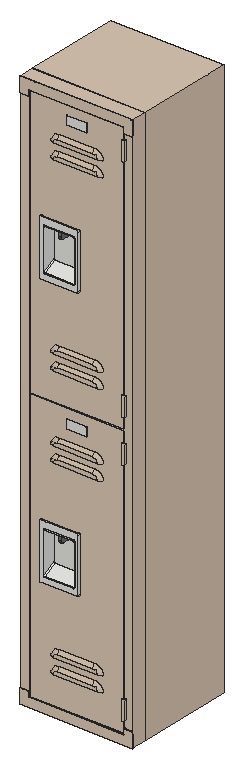
Revit family "Locker_SalsburyInd_Metal-2-Tier-Single", category Specialty Equipment, Revit 2026
Family settings
  Round Connector Dimension = Use Diameter
  Part Type = Normal
  Classification Number = 23.40.00.00
  Work Plane-Based = No
  Enable Cutting in Views = No
  Always vertical = Yes
  Cut with Voids When Loaded = No
  Maintain Annotation Orientation = No
  Shared = No
  Room Calculation Point = No
Parameters
  Warranty Duration (Years) = 0
  Vertical Front Filler Width_Right [instance] = 15.000"
  Vertical Front Filler Width_Left [instance] = 15.000"
  Vertical Filler_Right [instance] = ML_Front Filler : None
  Vertical Filler_Left [instance] = ML_Front Filler : None
  Unit Width = 12.000"
  Unit Height = 60.000"
  Unit Depth = 12.000"
  URL = "www.lockers.com"
  Type Comments = "Specify Assembled or Disassembled"
  Specification = ""
  SpecWizard = ""
  Sales Information = "http://www.lockers.com/service/contact/"
  Revision = "R1_2017-09"
  Product Properties = "http://www.lockers.com/shop-by-department/metal-lockers/standard-12-w/"
  Product Data = "http://www.arcat.com/arcatcos/cos35/arc35330.html"
  Overall Height [instance] = Unit Height + Base Height + Sloping Hood Height  # 60.000"
  Manufacturer Website = "http://www.lockers.com/"
  Manufacturer Phone - Toll Free = "800-562-5377"
  Manufacturer Phone = "323-846-6700"
  Manufacturer Fax = "323-846-6800"
  Manufacturer Address = "1010 E. 62nd St.  Los Angeles, CA 90001-1598"
  Maintenance Schedule (Months) = 0
  Lock Type [instance] = "[Built-in Combination][Padlock][Built-in Resettable Combination]"
  Keynote = "10 50 00"
  Installation Phase = ""
  Hasp Plate Material [instance] = Finish - Salsbury - Polished Steel
  Hasp Handle Material [instance] = Finish - Salsbury - Black
  Green Building-LEED = ""
  Expected Lifespan (Years) = 0
  End Panel_Right [instance] = ML_End Panel : None
  End Panel_Left [instance] = ML_End Panel : None
  Drawn By = "Sumex Design, Inc. / Robert S. Weygant, CSI, CDT, SCIP"
  Door Width = Unit Width - (1.063" * 2)  # 9.874"
  Door Height = Unit Height - (1.094" * 2)  # 57.812"
  Top Filler_Right [instance] = ML_Top Filler : None
  Top Filler_Left [instance] = ML_Top Filler : None
  Sloping Hood Height [instance] = if(not(Sloped Hood), 0.000", if(Unit Depth = 12.000", 6.625", if(Unit Depth = 15.000", 8.682", if(Unit Depth = 18.000", 10.739", 0.000"))))  # 0.000"
  Sloped Hood [instance] = no
  Model = "as Specified"
  Manufacturer = "Salsbury Industries"
  Fixture Finish [instance] = Finish - Salsbury - Tan
  Door B Label [instance] = "Number / Name as Specified"
  Door A Label [instance] = "Number / Name as Specified"
  Description = "Salsbury Locker as Specified"
  Default Elevation = 0.000"
  Copyright = "©Arcat Inc."
  Construction Details = "http://www.arcat.com/details/salsbury/salsbury.html?coid=35330"
  Base_Right [instance] = ML_Base Side : None
  Base_Left [instance] = ML_Base Side : None
  Base Type = ML_Base Type : No Legs
  Base Height = 0.000"
  Base Front [instance] = ML_Front Base : None
  Assembly Code = "C1030310"
Reference planes (in)
  plane 1 "Center (Front/Back)": y = 0.005
  plane 2: z = 0
  plane 3 "Center (Left/Right)": x = 0
  plane 4 "Floor": z = 0
  plane 5 "Bottom of Unit": z = 0
  plane 6 "Top of Unit": z = 60
  plane 7 "Left Side of Unit": x = -6
  plane 8 "Right Side of Unit": x = 6
  plane 9 "Back of Unit": y = 6.005
  plane 10 "Front of Unit": y = -5.995
  plane 11 "Top of Sloping Hood": z = 60
  plane 12 "Right Side of Door Opening": x = 5
  plane 13 "Left Side of Door Opening": x = -5
  plane 14 "Top of Door Opening": z = 59
  plane 15 "Bottom of Door Opening": z = 1
  plane 16 "Back Edge of Front Facing": y = -4.407
  plane 17 "Front Plate Plane": y = -6.055
  plane 18 "Corner Filler Align-Left": x = -6.06
  plane 19 "Corner Filler Align-Right": x = 6.06
  plane 20 "Left Side of Door": x = -4.93029
  plane 21 "Right Side of Door": x = 4.93026
  plane 22 "Top of Door 1": z = 58.90976
  plane 23 "Bottom of Bottom Door": z = 1.09027
  plane 24: x = -5.075
  plane 25: x = 5.075
  plane 26: z = 58.40796
  plane 27: z = 1.59204
Forms (in)
  Sweep 1, solid, material "Finish - Salsbury - Tan" <- "Fixture Finish"
    path origin (0, -5.995, 0) x (1, 0, 0) y (0, 0, 1)
      loop
        line (-6, 60) -> (-6, 0) -> (6, 0) -> (6, 60) -> (-6, 60)
    profile origin (0, -5.995, 60) x (0, 0, 1) y (0, -1, 0)
      loop
        line (0, 0) -> (-1, 0) -> (-1, -1.588) -> (0, -1.588) -> (0, 0)
  Extrusion 2, solid, material "Finish - Salsbury - Tan" <- "Fixture Finish"
    sketch origin (0, -6.055, 0) x (0, 0, -1) y (1, 0, 0)
      loop
        line (-60, -6) -> (-58.47656, -6)
        arc (-58.47656, -6) -> (-58.42806, -5.97991) -> (-58.40796, -5.9314) r 0.0686
        line (-58.40796, -5.9314) -> (-58.40796, -5.14351)
        arc (-58.40796, -5.14351) -> (-58.42809, -5.09506) -> (-58.47656, -5.075) r 0.0686
        line (-58.47656, -5.075) -> (-59, -5.075) -> (-59, 5.075) -> (-58.47656, 5.075)
        arc (-58.47656, 5.075) -> (-58.42809, 5.09506) -> (-58.40796, 5.14351) r 0.0686
        line (-58.40796, 5.14351) -> (-58.40796, 5.9314)
        arc (-58.40796, 5.9314) -> (-58.42806, 5.97991) -> (-58.47656, 6) r 0.0686
        line (-58.47656, 6) -> (-60, 6) -> (-60, -6)
    from -0.06 to 0
  Extrusion 3, solid, material "Finish - Salsbury - Tan" <- "Fixture Finish"
    sketch origin (0, -6.055, 84) x (0, 0, 1) y (-1, 0, 0)
      loop
        line (-84, 6) -> (-84, -6) -> (-82.47656, -6)
        arc (-82.47656, -6) -> (-82.42806, -5.97991) -> (-82.40796, -5.9314) r 0.0686
        line (-82.40796, -5.9314) -> (-82.40796, -5.14351)
        arc (-82.40796, -5.14351) -> (-82.42809, -5.09506) -> (-82.47656, -5.075) r 0.0686
        line (-82.47656, -5.075) -> (-83, -5.075) -> (-83, 5.075) -> (-82.47656, 5.075)
        arc (-82.47656, 5.075) -> (-82.42809, 5.09506) -> (-82.40796, 5.14351) r 0.0686
        line (-82.40796, 5.14351) -> (-82.40796, 5.9314)
        arc (-82.40796, 5.9314) -> (-82.42806, 5.97991) -> (-82.47656, 6) r 0.0686
        line (-82.47656, 6) -> (-84, 6)
    from -0.06 to 0
  Extrusion 4, solid, material "Finish - Salsbury - Tan" <- "Fixture Finish"
    sketch origin (6, 0, 0) x (0, 0, -1) y (0, -1, 0)
      loop
        line (-59.94, 4.407) -> (-59.94, 6.055) -> (-60, 6.055) -> (-60, -6.005) -> (0, -6.005) -> (0, 4.407) -> (-59.94, 4.407)
    from 0 to 12
  Extrusion 5, void
    sketch origin (6, 0, 0) x (0, 0, -1) y (0, -1, 0)
      loop
        line (-60, 6.055) -> (-60, 4.407) -> (-59.94, 4.407) -> (-59.94, 6.055) -> (-60, 6.055)
    from 0 to 12
Cuts and joins
  Extrusion 5 cuts Extrusion 4
Dimensions and locks (in)
  equal spacing: plane 7 "Left Side of Unit", plane 3 "Center (Left/Right)", plane 8 "Right Side of Unit"
  "Unit Width": plane 7 "Left Side of Unit" to plane 8 "Right Side of Unit"
  "Base Height": plane 5 "Bottom of Unit" to plane 4 "Floor"
  "Unit Height": plane 6 "Top of Unit" to plane 5 "Bottom of Unit"
  equal spacing: plane 10 "Front of Unit", plane 1 "Center (Front/Back)", plane 9 "Back of Unit"
  "Unit Depth": plane 10 "Front of Unit" to plane 9 "Back of Unit"
  "Sloping Hood Height": plane 11 "Top of Sloping Hood" to plane 6 "Top of Unit"
  plane 6 "Top of Unit" to plane 14 "Top of Door Opening" to plane 22 "Top of Door 1" to plane 26 = 1.000" locked, 0.09024" locked, 0.5018" locked
  plane 27 to plane 23 "Bottom of Bottom Door" to plane 15 "Bottom of Door Opening" to plane 5 "Bottom of Unit" = 0.50177" locked, 0.09027" locked, 1.000" locked
  plane 7 "Left Side of Unit" to plane 13 "Left Side of Door Opening" to plane 20 "Left Side of Door" = 1.000" locked, 0.06971"
  plane 21 "Right Side of Door" to plane 12 "Right Side of Door Opening" to plane 8 "Right Side of Unit" = 0.06974", 1.000" locked
  plane 17 "Front Plate Plane" to plane 10 "Front of Unit" to plane 16 "Back Edge of Front Facing" = 0.060" locked, 1.588" locked
  locked: plane 8 "Right Side of Unit" to plane 19 "Corner Filler Align-Right" at 0.06
  locked: plane 18 "Corner Filler Align-Left" to plane 7 "Left Side of Unit" at 0.06
  plane 20 "Left Side of Door" to plane 21 "Right Side of Door" = 9.86055"
  locked: plane 7 "Left Side of Unit" to plane 24 at 0.925
  locked: plane 25 to plane 8 "Right Side of Unit" at 0.925
  locked: Extrusion 4 sketch curve to plane 6 "Top of Unit" at 0.06
  locked: Extrusion 5 sketch curve to plane 6 "Top of Unit" at 0.06
  aligned and locked: level to plane 2
  aligned and locked: Extrusion 2 to plane 10 "Front of Unit"
  aligned and locked: Extrusion 3 to plane 10 "Front of Unit"
  aligned and locked: plane 4 "Floor" to nested 1
  aligned and locked: plane 5 "Bottom of Unit" to Extrusion 3
  aligned and locked: plane 10 "Front of Unit" to nested 2
  aligned and locked: nested 5 to plane 10 "Front of Unit"
  aligned and locked: plane 10 "Front of Unit" to nested 6
  aligned and locked: plane 10 "Front of Unit" to nested 4
  aligned and locked: plane 10 "Front of Unit" to nested 8
  aligned and locked: plane 10 "Front of Unit" to nested 1
  aligned and locked: plane 6 "Top of Unit" to Sweep 1 sketch curve  (x2)
  aligned and locked: Sweep 1 sketch curve to plane 7 "Left Side of Unit"
  aligned and locked: plane 8 "Right Side of Unit" to Sweep 1 sketch curve
  aligned and locked: Sweep 1 sketch curve to plane 5 "Bottom of Unit"
  aligned and locked: plane 10 "Front of Unit" to Sweep 1
  aligned and locked: Extrusion 2 to plane 17 "Front Plate Plane"
  aligned and locked: plane 10 "Front of Unit" to Extrusion 2
  aligned and locked: Extrusion 2 to plane 8 "Right Side of Unit"
  aligned and locked: plane 7 "Left Side of Unit" to Extrusion 2
  aligned and locked: plane 7 "Left Side of Unit" to Extrusion 3
  aligned and locked: plane 17 "Front Plate Plane" to Extrusion 3
  aligned and locked: Extrusion 3 to plane 8 "Right Side of Unit"
  aligned and locked: plane 24 to Extrusion 3
  aligned and locked: plane 25 to Extrusion 3
  aligned and locked: plane 25 to Extrusion 2
  aligned and locked: Extrusion 2 to plane 24
  aligned and locked: plane 16 "Back Edge of Front Facing" to Sweep 1 sketch curve
  aligned and locked: Sweep 1 sketch curve to plane 14 "Top of Door Opening"
  aligned and locked: Sweep 1 sketch curve to plane 10 "Front of Unit"
  aligned and locked: plane 26 to Extrusion 2  (x2)
  aligned and locked: Extrusion 2 to plane 6 "Top of Unit"
  aligned and locked: plane 14 "Top of Door Opening" to Extrusion 2
  aligned and locked: Extrusion 3 to plane 15 "Bottom of Door Opening"
  aligned and locked: plane 27 to Extrusion 3
  aligned and locked: Extrusion 3 to plane 27
  aligned and locked: plane 8 "Right Side of Unit" to nested 6
  aligned and locked: nested 7 to plane 7 "Left Side of Unit"
  aligned and locked: plane 10 "Front of Unit" to nested 7
  aligned and locked: plane 11 "Top of Sloping Hood" to Extrusion 4 sketch curve
  aligned and locked: Extrusion 4 to plane 8 "Right Side of Unit"
  aligned and locked: plane 7 "Left Side of Unit" to Extrusion 4
  aligned and locked: plane 17 "Front Plate Plane" to Extrusion 4 sketch curve
  aligned and locked: Extrusion 5 sketch curve to plane 16 "Back Edge of Front Facing"
  aligned and locked: Extrusion 5 sketch curve to plane 6 "Top of Unit"
  aligned and locked: plane 17 "Front Plate Plane" to Extrusion 5 sketch curve
  aligned and locked: plane 7 "Left Side of Unit" to Extrusion 5
  aligned and locked: Extrusion 5 to plane 8 "Right Side of Unit"
  aligned and locked: plane 5 "Bottom of Unit" to nested 4
  aligned and locked: nested 5 to plane 5 "Bottom of Unit"
  aligned and locked: plane 1 "Center (Front/Back)" to nested 3
  aligned and locked: plane 8 "Right Side of Unit" to nested 3
  aligned and locked: plane 7 "Left Side of Unit" to nested 9
  aligned and locked: nested 9 to plane 1 "Center (Front/Back)"
  aligned and locked: plane 3 "Center (Left/Right)" to nested 2
  aligned and locked: plane 3 "Center (Left/Right)" to nested 1
  aligned and locked: plane 8 "Right Side of Unit" to nested 4
  aligned and locked: plane 7 "Left Side of Unit" to nested 5
  aligned and locked: plane 1 "Center (Front/Back)" to nested 10
  aligned and locked: nested 10 to plane 19 "Corner Filler Align-Right"
  aligned and locked: nested 11 to plane 1 "Center (Front/Back)"
  aligned and locked: plane 18 "Corner Filler Align-Left" to nested 11
  aligned and locked: plane 3 "Center (Left/Right)" to nested 8
  aligned and locked: plane 5 "Bottom of Unit" to Extrusion 4 sketch curve
  aligned and locked: plane 6 "Top of Unit" to Extrusion 4 sketch curve
  aligned and locked: plane 23 "Bottom of Bottom Door" to nested 8
  aligned and locked: nested 12 to plane 22 "Top of Door 1"
  aligned and locked: plane 10 "Front of Unit" to nested 12
  aligned and locked: plane 3 "Center (Left/Right)" to nested 12
Automatic sketch dimensions
  Extrusion 2 sketch curve to plane 6 "Top of Unit" = 0.000"
  plane 14 "Top of Door Opening" to Extrusion 2 sketch curve = 0.000"
  plane 7 "Left Side of Unit" to Extrusion 2 sketch curve = 0.000"
  Extrusion 2 sketch curve to plane 8 "Right Side of Unit" = 0.000"
  Extrusion 2 sketch curve to plane 7 "Left Side of Unit" = 0.0686"
  Extrusion 2 sketch curve to Extrusion 2 sketch curve = 0.0686"
  plane 13 "Left Side of Door Opening" to Extrusion 2 sketch curve = 0.1436"
  Extrusion 2 sketch curve to Extrusion 2 sketch curve = 0.00009"
  Extrusion 2 sketch curve to plane 12 "Right Side of Door Opening" = 0.075"
  Extrusion 2 sketch curve to Extrusion 2 sketch curve = 0.06851"
  Extrusion 3 sketch curve to plane 5 "Bottom of Unit" = 0.000"
  plane 15 "Bottom of Door Opening" to Extrusion 3 sketch curve = 0.000"
  Extrusion 3 sketch curve to plane 7 "Left Side of Unit" = 0.000"
  plane 8 "Right Side of Unit" to Extrusion 3 sketch curve = 0.000"
  Extrusion 3 sketch curve to Extrusion 3 sketch curve = 0.0686"  (x2)
  Extrusion 3 sketch curve to plane 13 "Left Side of Door Opening" = 0.1436"
  Extrusion 3 sketch curve to Extrusion 3 sketch curve = 0.00009"
  plane 12 "Right Side of Door Opening" to Extrusion 3 sketch curve = 0.075"
  Extrusion 3 sketch curve to Extrusion 3 sketch curve = 0.06851"
  plane 24 to Extrusion 2 sketch curve = 0.000"
  Extrusion 2 sketch curve to plane 26 = 0.000"  (x2)
  Extrusion 2 sketch curve to plane 26 = 0.0686"
  plane 24 to Extrusion 3 sketch curve = 0.000"
  Extrusion 3 sketch curve to plane 27 = 0.000"  (x2)
  Extrusion 3 sketch curve to plane 27 = 0.0686"
  Extrusion 4 sketch curve to plane 9 "Back of Unit" = 0.000"
  Extrusion 4 sketch curve to plane 16 "Back Edge of Front Facing" = 0.000"
Nested families (in)
  nested 1: "ML_Front Base" at (0, 0.01, 0), type <- "Base Front", Finish <- "Fixture Finish", Locker Width <- "Unit Width", type "None"
    with Width 10.000", Locker Width 12.000", Finish Finish - Salsbury - Tan
  nested 2: "ML_Base Type" at (0, 0.005, 0), type <- "Base Type", Finish <- "Fixture Finish", Depth <- "Unit Depth", Width <- "Unit Width", type "No Legs"
    with Width 12.000", Finish Finish - Salsbury - Tan, Depth 12.000"
  nested 3: "ML_Base Side" at (0.01, 0.005, 0), type <- "Base_Right", Locker Depth <- "Unit Depth", Finish <- "Fixture Finish", type "None"
    with Locker Depth 12.000", Finish Finish - Salsbury - Tan
  nested 4: "ML_End Panel" at (10.1325, 2.172, 0), type <- "End Panel_Right", Height <- "Unit Height", Depth <- "Unit Depth", Finish <- "Fixture Finish", type "None"
    with controldepth 12.000", Height 60.000", Finish Finish - Salsbury - Tan, Depth 12.000", Base Height 0.000"
  nested 5: "ML_End Panel" at (-10.1325, 2.172, 0) x (-1, 0, 0) z (0, 0, 1), type <- "End Panel_Left", Height <- "Unit Height", Depth <- "Unit Depth", Finish <- "Fixture Finish", type "None"
    with controldepth 12.000", Height 60.000", Finish Finish - Salsbury - Tan, Depth 12.000", Base Height 0.000"
  nested 6: "ML_Front Filler" at (18.095, -3.078, 0), type <- "Vertical Filler_Right", Base Height <- "Base Height", Height <- "Unit Height", Width <- "Vertical Front Filler Width_Right", Finish <- "Fixture Finish", type "None"
    with Width 15.000", Height 60.000", Finish Finish - Salsbury - Tan, Base Height 0.000"
  nested 7: "ML_Front Filler" at (-8.905, -3.078, 0), type <- "Vertical Filler_Left", Base Height <- "Base Height", Height <- "Unit Height", Width <- "Vertical Front Filler Width_Left", Finish <- "Fixture Finish", type "None"
    with Width 15.000", Height 60.000", Finish Finish - Salsbury - Tan, Base Height 0.000"
  nested 8: "Metal Locker Doors_TwoTier" at (0, -5.545, 1.09027), Hasp Handle Material <- "Hasp Handle Material", Hasp Plate Rivet Material <- "Hasp Plate Material", Primary Structure Material <- "Fixture Finish", Width <- "Door Width", Height <- "Unit Height", type "as Specified"
    with Width 9.874", Primary Structure Material Finish - Salsbury - Tan, Other Louvers no, Louver Width 5.55412", Height 60.000", Hasp Plate Rivet Material Finish - Salsbury - Polished Steel, Hasp Handle Material Finish - Salsbury - Black, Door Height 28.8435"
  nested 9: "ML_Base Side" at (-0.01, 0.005, 0) x (-1, 0, 0) z (0, 0, 1), type <- "Base_Left", Locker Depth <- "Unit Depth", Finish <- "Fixture Finish", type "None"
    with Locker Depth 12.000", Finish Finish - Salsbury - Tan
  nested 10: "ML_Top Filler" at (10.655, 2.172, 60), Finish <- "Fixture Finish", type <- "Top Filler_Right", Width <- "Vertical Front Filler Width_Right", Depth <- "Unit Depth", type "None"
    with Width 15.000", Sloped Height 6.625", Finish Finish - Salsbury - Tan, Depth 12.000", Corner Width 12.625"
  nested 11: "ML_Top Filler" at (-10.655, 2.172, 60) x (-1, 0, 0) z (0, 0, 1), Finish <- "Fixture Finish", type <- "Top Filler_Left", Width <- "Vertical Front Filler Width_Left", Depth <- "Unit Depth", type "None"
    with Width 15.000", Sloped Height 6.625", Finish Finish - Salsbury - Tan, Depth 12.000", Corner Width 12.625"
  nested 12: "Metal Locker Doors_TwoTier" at (0, -5.545, 30.06626), Hasp Handle Material <- "Hasp Handle Material", Hasp Plate Rivet Material <- "Hasp Plate Material", Primary Structure Material <- "Fixture Finish", Width <- "Door Width", Height <- "Unit Height", type "as Specified"
    with Width 9.874", Primary Structure Material Finish - Salsbury - Tan, Other Louvers no, Louver Width 5.55412", Height 60.000", Hasp Plate Rivet Material Finish - Salsbury - Polished Steel, Hasp Handle Material Finish - Salsbury - Black, Door Height 28.8435"
Definition of nested family "Metal Locker Doors_TwoTier"
  Parameters (values of type "as Specified")
    Width [instance] = 9.938"
    Visible Top Louvers 3 and 4 = yes
    Visible Top Louver 2 = yes
    Visible Hinge 3 = yes
    Visible Bottom Louvers 1 and 2 = yes
    Visible Bottom Louver 3 = yes
    Top Louver Set Vertical Alignment = 3.063"
    Primary Structure Material [instance] = none
    Other Louvers [instance] = Height = 72.000"  # no
    Number Plate Alignment = 0.9375"
    Louver Width [instance] = Width * 9 / 16  # 5.59013"
    Hinge 3 Placement = 54.500"
    Hinge 2 Placement = 27.875"
    Hinge 1 Placement = 1.125"
    Height [instance] = 60.000"
    Hasp Plate Rivet Material [instance] = none
    Hasp Height = 5.960"
    Hasp Handle Material [instance] = none
    Door Height [instance] = (Height - (1.094" * 2) - 0.125") / 2  # 28.8435"
    Depth = 0.900"
    Default Elevation = 48.000"
    Bottom Louver Set Vertical Alignment = 3.063"
  Reference planes (in)
    plane 1 "Center (Front/Back)": y = 0
    plane 2 "Bottom of Door": z = 0
    plane 3 "Center (Left/Right)": x = 0
    plane 4 "Center (Top/Bottom)": z = 14.42175
    plane 5 "Top of Door": z = 28.8435
    plane 6 "Right Side of Door": x = 4.969
    plane 7 "Left Side of Door": x = -4.969
    plane 8 "Front of Door": y = -0.45
    plane 9 "Back of Door": y = 0.45
    plane 10 "Top of Number Plate": z = 27.906
    plane 11 "Top of Top Vent 1": z = 25.7805
    plane 12 "Top of Top Vent 2": z = 24.1555
    plane 13 "Top of Top Vent 3": z = 22.5305
    plane 14 "Top of Top Vent 4": z = 20.9055
    plane 15 "Bottom of Bottom Vent 1": z = 7.938
    plane 16 "Bottom of Bottom Vent 2": z = 6.313
    plane 17 "Bottom of Bottom Vent 3": z = 4.688
    plane 18 "Bottom of Bottom Vent 4": z = 3.063
    plane 19 "Top of Hasp Alignment": z = 17.40175
    plane 20 "Left Side of Hasp Alignment": x = -3.844
    plane 21 "Bottom of Hasp Alignment": z = 11.44175
    plane 22 "Right Side of Hasp Alignment": x = 0.256
    plane 23 "Left Side of Louvers": x = -2.79506
    plane 24 "Right Side of Louvers": x = 2.79506
    plane 25 "Front of Louvers": y = -0.6375
    plane 26: x = -1.094
    plane 27: x = 1.094
    plane 28: z = 26.906
    plane 29 "Center Hasp": x = -1.794
    plane 30 "Top of Hinge 3": z = 3.312
    plane 31 "Top of Hinge 2": z = 15.45275
    plane 32 "Top of Hinge 1": z = 27.7185
  Forms (in)
    Extrusion 1, solid, material <- "Primary Structure Material"
      sketch origin (0, 0, 0) x (1, 0, 0) y (0, 0, 1)
        loop
          line (-4.969, 28.8435) -> (-4.969, 0) -> (4.969, 0) -> (4.969, 28.8435) -> (-4.969, 28.8435)
      from -0.45 to 0.45
    Blend 2, solid, material <- "Primary Structure Material"
      base sketch origin (0, -0.45, 0) x (1, 0, 0) y (0, 0, 1)
        loop
          line (-2.79506, 24.87894) -> (2.79506, 24.87894)
          arc (2.79506, 24.87894) -> (2.531, 25.51644) -> (1.8935, 25.7805) r 0.90156
          line (1.8935, 25.7805) -> (-1.8935, 25.7805)
          arc (-1.8935, 25.7805) -> (-2.531, 25.51644) -> (-2.79506, 24.87894) r 0.90156
      top sketch origin (0, -0.6375, 0) x (1, 0, 0) y (0, 0, 1)
        loop
          line (-2.36248, 24.87894) -> (2.36248, 24.87894)
          arc (2.36248, 24.87894) -> (2.22656, 25.20708) -> (1.89842, 25.343) r 0.46406
          line (1.89842, 25.343) -> (-1.89842, 25.343)
          arc (-1.89842, 25.343) -> (-2.22656, 25.20708) -> (-2.36248, 24.87894) r 0.46406
      from 0 to 0
    Blend 3, solid, material <- "Primary Structure Material"
      base sketch origin (0, -0.45, -1.625) x (1, 0, 0) y (0, 0, 1)
        loop
          line (-2.79506, 24.87894) -> (2.79506, 24.87894)
          arc (2.79506, 24.87894) -> (2.531, 25.51644) -> (1.8935, 25.7805) r 0.90156
          line (1.8935, 25.7805) -> (-1.8935, 25.7805)
          arc (-1.8935, 25.7805) -> (-2.531, 25.51644) -> (-2.79506, 24.87894) r 0.90156
      top sketch origin (0, -0.6375, -1.625) x (1, 0, 0) y (0, 0, 1)
        loop
          line (-2.36248, 24.87894) -> (2.36248, 24.87894)
          arc (2.36248, 24.87894) -> (2.22656, 25.20708) -> (1.89842, 25.343) r 0.46406
          line (1.89842, 25.343) -> (-1.89842, 25.343)
          arc (-1.89842, 25.343) -> (-2.22656, 25.20708) -> (-2.36248, 24.87894) r 0.46406
      from 0 to 0
    Blend 4, solid, material <- "Primary Structure Material", visible <- "Other Louvers"
      base sketch origin (0, -0.45, -3.25) x (1, 0, 0) y (0, 0, 1)
        loop
          line (-2.79506, 24.87894) -> (2.79506, 24.87894)
          arc (2.79506, 24.87894) -> (2.531, 25.51644) -> (1.8935, 25.7805) r 0.90156
          line (1.8935, 25.7805) -> (-1.8935, 25.7805)
          arc (-1.8935, 25.7805) -> (-2.531, 25.51644) -> (-2.79506, 24.87894) r 0.90156
      top sketch origin (0, -0.6375, -3.25) x (1, 0, 0) y (0, 0, 1)
        loop
          line (-2.36248, 24.87894) -> (2.36248, 24.87894)
          arc (2.36248, 24.87894) -> (2.22656, 25.20708) -> (1.89842, 25.343) r 0.46406
          line (1.89842, 25.343) -> (-1.89842, 25.343)
          arc (-1.89842, 25.343) -> (-2.22656, 25.20708) -> (-2.36248, 24.87894) r 0.46406
      from 0 to 0
    Blend 5, solid, material <- "Primary Structure Material", visible <- "Other Louvers"
      base sketch origin (0, -0.45, -4.875) x (1, 0, 0) y (0, 0, 1)
        loop
          line (-2.79506, 24.87894) -> (2.79506, 24.87894)
          arc (2.79506, 24.87894) -> (2.531, 25.51644) -> (1.8935, 25.7805) r 0.90156
          line (1.8935, 25.7805) -> (-1.8935, 25.7805)
          arc (-1.8935, 25.7805) -> (-2.531, 25.51644) -> (-2.79506, 24.87894) r 0.90156
      top sketch origin (0, -0.6375, -4.875) x (1, 0, 0) y (0, 0, 1)
        loop
          line (-2.36248, 24.87894) -> (2.36248, 24.87894)
          arc (2.36248, 24.87894) -> (2.22656, 25.20708) -> (1.89842, 25.343) r 0.46406
          line (1.89842, 25.343) -> (-1.89842, 25.343)
          arc (-1.89842, 25.343) -> (-2.22656, 25.20708) -> (-2.36248, 24.87894) r 0.46406
      from 0 to 0
    Blend 6, solid, material <- "Primary Structure Material", visible <- "Other Louvers"
      base sketch origin (0, -0.45, -57.818) x (1, 0, 0) y (0, 0, 1)
        loop
          line (-2.79506, 65.756) -> (2.79506, 65.756)
          arc (2.79506, 65.756) -> (2.531, 66.3935) -> (1.8935, 66.65756) r 0.90156
          line (1.8935, 66.65756) -> (-1.8935, 66.65756)
          arc (-1.8935, 66.65756) -> (-2.531, 66.3935) -> (-2.79506, 65.756) r 0.90156
      top sketch origin (0, -0.6375, -57.818) x (1, 0, 0) y (0, 0, 1)
        loop
          line (-2.36248, 65.756) -> (2.36248, 65.756)
          arc (2.36248, 65.756) -> (2.22656, 66.08414) -> (1.89842, 66.22006) r 0.46406
          line (1.89842, 66.22006) -> (-1.89842, 66.22006)
          arc (-1.89842, 66.22006) -> (-2.22656, 66.08414) -> (-2.36248, 65.756) r 0.46406
      from 0 to 0
    Blend 7, solid, material <- "Primary Structure Material", visible <- "Other Louvers"
      base sketch origin (0, -0.45, -59.443) x (1, 0, 0) y (0, 0, 1)
        loop
          line (-2.79506, 65.756) -> (2.79506, 65.756)
          arc (2.79506, 65.756) -> (2.531, 66.3935) -> (1.8935, 66.65756) r 0.90156
          line (1.8935, 66.65756) -> (-1.8935, 66.65756)
          arc (-1.8935, 66.65756) -> (-2.531, 66.3935) -> (-2.79506, 65.756) r 0.90156
      top sketch origin (0, -0.6375, -59.443) x (1, 0, 0) y (0, 0, 1)
        loop
          line (-2.36248, 65.756) -> (2.36248, 65.756)
          arc (2.36248, 65.756) -> (2.22656, 66.08414) -> (1.89842, 66.22006) r 0.46406
          line (1.89842, 66.22006) -> (-1.89842, 66.22006)
          arc (-1.89842, 66.22006) -> (-2.22656, 66.08414) -> (-2.36248, 65.756) r 0.46406
      from 0 to 0
    Blend 8, solid, material <- "Primary Structure Material"
      base sketch origin (0, -0.45, -61.068) x (1, 0, 0) y (0, 0, 1)
        loop
          line (-2.79506, 65.756) -> (2.79506, 65.756)
          arc (2.79506, 65.756) -> (2.531, 66.3935) -> (1.8935, 66.65756) r 0.90156
          line (1.8935, 66.65756) -> (-1.8935, 66.65756)
          arc (-1.8935, 66.65756) -> (-2.531, 66.3935) -> (-2.79506, 65.756) r 0.90156
      top sketch origin (0, -0.6375, -61.068) x (1, 0, 0) y (0, 0, 1)
        loop
          line (-2.36248, 65.756) -> (2.36248, 65.756)
          arc (2.36248, 65.756) -> (2.22656, 66.08414) -> (1.89842, 66.22006) r 0.46406
          line (1.89842, 66.22006) -> (-1.89842, 66.22006)
          arc (-1.89842, 66.22006) -> (-2.22656, 66.08414) -> (-2.36248, 65.756) r 0.46406
      from 0 to 0
    Blend 9, solid, material <- "Primary Structure Material"
      base sketch origin (0, -0.45, -62.693) x (1, 0, 0) y (0, 0, 1)
        loop
          line (-2.79506, 65.756) -> (2.79506, 65.756)
          arc (2.79506, 65.756) -> (2.531, 66.3935) -> (1.8935, 66.65756) r 0.90156
          line (1.8935, 66.65756) -> (-1.8935, 66.65756)
          arc (-1.8935, 66.65756) -> (-2.531, 66.3935) -> (-2.79506, 65.756) r 0.90156
      top sketch origin (0, -0.6375, -62.693) x (1, 0, 0) y (0, 0, 1)
        loop
          line (-2.36248, 65.756) -> (2.36248, 65.756)
          arc (2.36248, 65.756) -> (2.22656, 66.08414) -> (1.89842, 66.22006) r 0.46406
          line (1.89842, 66.22006) -> (-1.89842, 66.22006)
          arc (-1.89842, 66.22006) -> (-2.22656, 66.08414) -> (-2.36248, 65.756) r 0.46406
      from 0 to 0
    Extrusion 10, solid, material <- "Hasp Plate Rivet Material"
      sketch origin (0, -0.45, 0) x (1, 0, 0) y (0, 0, 1)
        loop
          arc (-1.06847, 27.87045) -> (-1.09512, 27.40771) -> (-1.06847, 26.94497) r 4.03112
          arc (-1.06847, 26.94497) -> (0, 26.90622) -> (1.06847, 26.94497) r 14.75
          arc (1.06847, 26.94497) -> (1.09512, 27.40771) -> (1.06847, 27.87045) r 4.03112
          arc (1.06847, 27.87045) -> (0, 27.90917) -> (-1.06847, 27.87045) r 14.7612
      from 0 to 0.03497
    Extrusion 11, solid, material <- "Hasp Plate Rivet Material"
      sketch origin (0, -0.45, 0) x (1, 0, 0) y (0, 0, 1)
        loop
          arc (-3.74618, 17.40175) -> (-3.81535, 17.3731) -> (-3.844, 17.30393) r 0.09782
          line (-3.844, 17.30393) -> (-3.844, 11.53876)
          arc (-3.844, 11.53876) -> (-3.81559, 11.47016) -> (-3.74699, 11.44175) r 0.09701
          line (-3.74699, 11.44175) -> (0.1498, 11.44175)
          arc (0.1498, 11.44175) -> (0.2249, 11.47285) -> (0.256, 11.54795) r 0.1062
          line (0.256, 11.54795) -> (0.256, 17.29721)
          arc (0.256, 17.29721) -> (0.22538, 17.37113) -> (0.15146, 17.40175) r 0.10454
          line (0.15146, 17.40175) -> (-3.74618, 17.40175)
      from 0 to 0.1875
    Extrusion 12, void
      sketch origin (0, 0.45, 0) x (1, 0, 0) y (0, 0, 1)
        loop
          line (-0.23842, 16.65175) -> (-3.33108, 16.65175)
          arc (-3.33108, 16.65175) -> (-3.4286, 16.61135) -> (-3.469, 16.51383) r 0.13792
          line (-3.469, 16.51383) -> (-3.469, 12.20467)
          arc (-3.469, 12.20467) -> (-3.4286, 12.10715) -> (-3.33108, 12.06675) r 0.13792
          line (-3.33108, 12.06675) -> (-0.23842, 12.06675)
          arc (-0.23842, 12.06675) -> (-0.15398, 12.10173) -> (-0.119, 12.18617) r 0.11942
          line (-0.119, 12.18617) -> (-0.119, 16.53233)
          arc (-0.119, 16.53233) -> (-0.15398, 16.61677) -> (-0.23842, 16.65175) r 0.11942
      from 0 to 1.0875
    Blend 13, solid, material <- "Hasp Plate Rivet Material"
      base sketch origin (5.54622, -0.6375, 48) x (1, 0, 0) y (0, 0, 1)
        loop
          line (-5.80314, -31.34825) -> (-8.8773, -31.34825)
          arc (-8.8773, -31.34825) -> (-8.97483, -31.38865) -> (-9.01522, -31.48617) r 0.13792
          line (-9.01522, -31.48617) -> (-9.01522, -35.10783)
          arc (-9.01522, -35.10783) -> (-8.97483, -35.20535) -> (-8.8773, -35.24575) r 0.13792
          line (-8.8773, -35.24575) -> (-5.80314, -35.24575)
          arc (-5.80314, -35.24575) -> (-5.70562, -35.20535) -> (-5.66522, -35.10783) r 0.13792
          line (-5.66522, -35.10783) -> (-5.66522, -31.48617)
          arc (-5.66522, -31.48617) -> (-5.70562, -31.38865) -> (-5.80314, -31.34825) r 0.13792
      top sketch origin (5.54622, -0.6375, 48) x (1, 0, 0) y (0, 0, 1)
        loop
          line (-5.80314, -31.34825) -> (-8.8773, -31.34825)
          arc (-8.8773, -31.34825) -> (-8.97483, -31.38865) -> (-9.01522, -31.48617) r 0.13792
          line (-9.01522, -31.48617) -> (-9.01522, -35.79533)
          arc (-9.01522, -35.79533) -> (-8.97483, -35.89285) -> (-8.8773, -35.93325) r 0.13792
          line (-8.8773, -35.93325) -> (-5.80314, -35.93325)
          arc (-5.80314, -35.93325) -> (-5.70562, -35.89285) -> (-5.66522, -35.79533) r 0.13792
          line (-5.66522, -35.79533) -> (-5.66522, -31.48617)
          arc (-5.66522, -31.48617) -> (-5.70562, -31.38865) -> (-5.80314, -31.34825) r 0.13792
      from -1.38343 to 0
    Blend 14, void
      base sketch origin (5.54622, -0.6375, 48) x (-1, 0, 0) y (0, 0, 1)
        loop
          arc (5.86564, -31.41075) -> (5.76812, -31.45115) -> (5.72772, -31.54867) r 0.13792
          line (5.72772, -31.54867) -> (5.72772, -35.04533)
          arc (5.72772, -35.04533) -> (5.76812, -35.14285) -> (5.86564, -35.18325) r 0.13792
          line (5.86564, -35.18325) -> (8.8148, -35.18325)
          arc (8.8148, -35.18325) -> (8.91233, -35.14285) -> (8.95272, -35.04533) r 0.13792
          line (8.95272, -35.04533) -> (8.95272, -31.54867)
          arc (8.95272, -31.54867) -> (8.91233, -31.45115) -> (8.8148, -31.41075) r 0.13792
          line (8.8148, -31.41075) -> (5.86564, -31.41075)
      top sketch origin (5.54622, -0.6375, 48) x (1, 0, 0) y (0, 0, 1)
        loop
          line (-5.81877, -31.38731) -> (-8.86168, -31.38731)
          arc (-8.86168, -31.38731) -> (-8.9592, -31.42771) -> (-8.9996, -31.52523) r 0.13792
          line (-8.9996, -31.52523) -> (-8.9996, -35.7797)
          arc (-8.9996, -35.7797) -> (-8.9592, -35.87723) -> (-8.86168, -35.91763) r 0.13792
          line (-8.86168, -35.91763) -> (-5.81877, -35.91763)
          arc (-5.81877, -35.91763) -> (-5.72124, -35.87723) -> (-5.68085, -35.7797) r 0.13792
          line (-5.68085, -35.7797) -> (-5.68085, -31.52523)
          arc (-5.68085, -31.52523) -> (-5.72124, -31.42771) -> (-5.81877, -31.38731) r 0.13792
      from 1.32053 to 0
    Extrusion 15, solid, material <- "Hasp Handle Material"
      sketch origin (-1.794, 0, 0.00013) x (0, 0, -1) y (0, -1, 0)
        loop
          line (-16.63599, 0.45) -> (-16.63599, -0.51) -> (-15.95412, -0.51)
          arc (-15.95412, -0.51) -> (-15.82712, -0.45412) -> (-15.78252, -0.32274) r 0.17225
          arc (-15.78252, -0.32274) -> (-15.83177, -0.03) -> (-15.78252, 0.26274) r 0.89468
          arc (-15.78252, 0.26274) -> (-15.82712, 0.39412) -> (-15.95412, 0.45) r 0.17225
          line (-15.95412, 0.45) -> (-16.63599, 0.45)
      from -0.163 to 0.163
    Extrusion 16, void
      sketch origin (-1.794, -0.13281, 0.04687) x (0, 0, -1) y (0, -1, 0)
        loop
          circle (-16.25552, -0.16411) r 0.2
      from -0.163 to 0.163
    Extrusion 17, solid, material <- "Primary Structure Material", detail levels medium+fine
      sketch origin (0, 0, 27.7185) x (0, -1, 0) y (1, 0, 0)
        loop
          line (0.45, 4.969) -> (0.575, 4.969)
          arc (0.575, 4.969) -> (0.7, 5.094) -> (0.575, 5.219) r 0.125
          line (0.575, 5.219) -> (0.45, 5.219) -> (0.45, 4.969)
      from 0 to -2
    Extrusion 18, solid, material <- "Primary Structure Material", not visible, detail levels medium+fine
      sketch origin (0, 0, 15.45275) x (0, -1, 0) y (1, 0, 0)
        loop
          line (0.45, 4.969) -> (0.575, 4.969)
          arc (0.575, 4.969) -> (0.7, 5.094) -> (0.575, 5.219) r 0.125
          line (0.575, 5.219) -> (0.45, 5.219) -> (0.45, 4.969)
      from 0 to -2
    Extrusion 19, solid, material <- "Primary Structure Material", detail levels medium+fine
      sketch origin (0, 0, 3.312) x (0, -1, 0) y (1, 0, 0)
        loop
          line (0.45, 4.969) -> (0.575, 4.969)
          arc (0.575, 4.969) -> (0.7, 5.094) -> (0.575, 5.219) r 0.125
          line (0.575, 5.219) -> (0.45, 5.219) -> (0.45, 4.969)
      from 0 to -2
  Cuts and joins
    Extrusion 12, Extrusion 16 cuts Extrusion 1
    Extrusion 12 cuts Extrusion 11
    Extrusion 16 cuts Extrusion 15
    Blend 14 cuts Blend 13
  Dimensions and locks (in)
    equal spacing: plane 5 "Top of Door", plane 4 "Center (Top/Bottom)", plane 2 "Bottom of Door"
    "Door Height": plane 5 "Top of Door" to plane 2 "Bottom of Door"
    equal spacing: plane 8 "Front of Door", plane 1 "Center (Front/Back)", plane 9 "Back of Door"
    "Depth": plane 8 "Front of Door" to plane 9 "Back of Door"
    equal spacing: plane 7 "Left Side of Door", plane 3 "Center (Left/Right)", plane 6 "Right Side of Door"
    "Width": plane 7 "Left Side of Door" to plane 6 "Right Side of Door"
    "Number Plate Alignment": plane 5 "Top of Door" to plane 10 "Top of Number Plate" to plane 28
    equal spacing: plane 23 "Left Side of Louvers", plane 3 "Center (Left/Right)", plane 24 "Right Side of Louvers"
    "Louver Width": plane 23 "Left Side of Louvers" to plane 24 "Right Side of Louvers"
    "Top Louver Set Vertical Alignment": plane 5 "Top of Door" to plane 11 "Top of Top Vent 1"
    plane 11 "Top of Top Vent 1" to plane 12 "Top of Top Vent 2" to plane 13 "Top of Top Vent 3" to plane 14 "Top of Top Vent 4" = 1.625", 1.625", 1.625"
    "Bottom Louver Set Vertical Alignment": plane 18 "Bottom of Bottom Vent 4" to plane 2 "Bottom of Door"
    plane 15 "Bottom of Bottom Vent 1" to plane 16 "Bottom of Bottom Vent 2" to plane 17 "Bottom of Bottom Vent 3" to plane 18 "Bottom of Bottom Vent 4" = 1.625", 1.625", 1.625"
    equal spacing: plane 19 "Top of Hasp Alignment", plane 4 "Center (Top/Bottom)", plane 21 "Bottom of Hasp Alignment"
    "Hasp Height": plane 19 "Top of Hasp Alignment" to plane 21 "Bottom of Hasp Alignment"
    plane 7 "Left Side of Door" to plane 20 "Left Side of Hasp Alignment" to plane 22 "Right Side of Hasp Alignment" = 1.125" locked, 4.100"
    locked: plane 25 "Front of Louvers" to plane 8 "Front of Door" at 0.1875
    plane 26 to plane 3 "Center (Left/Right)" to plane 27 = 1.094" locked, 1.094" locked
    plane 20 "Left Side of Hasp Alignment" to plane 29 "Center Hasp" to plane 22 "Right Side of Hasp Alignment" = 2.050", 2.050"
    "Hinge 1 Placement": plane 5 "Top of Door" to plane 32 "Top of Hinge 1"
    locked: plane 20 "Left Side of Hasp Alignment" to Blend 14 sketch curve at 0.4375
    locked: Blend 14 sketch curve to plane 22 "Right Side of Hasp Alignment" at 0.4375
    locked: plane 20 "Left Side of Hasp Alignment" to Blend 14 sketch curve at 0.39062
    locked: Blend 14 sketch curve to plane 22 "Right Side of Hasp Alignment" at 0.39063
    locked: plane 20 "Left Side of Hasp Alignment" to Blend 13 sketch curve at 0.375  (x2)
    locked: Blend 13 sketch curve to plane 22 "Right Side of Hasp Alignment" at 0.375  (x2)
    locked: plane 20 "Left Side of Hasp Alignment" to Extrusion 12 sketch curve at 0.375
    locked: Extrusion 12 sketch curve to plane 22 "Right Side of Hasp Alignment" at 0.375
    locked: plane 19 "Top of Hasp Alignment" to Blend 14 sketch curve at 0.8125
    locked: plane 19 "Top of Hasp Alignment" to Blend 14 sketch curve at 0.78906
    locked: plane 19 "Top of Hasp Alignment" to Extrusion 12 sketch curve at 0.75
    locked: plane 30 "Top of Hinge 3" to level at 3.312
    locked: plane 31 "Top of Hinge 2" to plane 4 "Center (Top/Bottom)" at 1.031
    locked: Blend 2 sketch curve to plane 24 "Right Side of Louvers" at 0.90156
    locked: plane 23 "Left Side of Louvers" to Blend 2 sketch curve at 0.90156
    locked: plane 23 "Left Side of Louvers" to Blend 2 sketch curve at 0.89665
    locked: Blend 2 sketch curve to plane 24 "Right Side of Louvers" at 0.89665
    locked: Blend 3 sketch curve to plane 24 "Right Side of Louvers" at 0.90156
    locked: plane 23 "Left Side of Louvers" to Blend 3 sketch curve at 0.90156
    locked: plane 23 "Left Side of Louvers" to Blend 3 sketch curve at 0.89665
    locked: Blend 3 sketch curve to plane 24 "Right Side of Louvers" at 0.89665
    locked: plane 23 "Left Side of Louvers" to Blend 4 sketch curve at 0.90156
    locked: Blend 4 sketch curve to plane 24 "Right Side of Louvers" at 0.90156
    locked: plane 23 "Left Side of Louvers" to Blend 4 sketch curve at 0.89665
    locked: Blend 4 sketch curve to plane 24 "Right Side of Louvers" at 0.89665
    locked: plane 23 "Left Side of Louvers" to Blend 5 sketch curve at 0.90156
    locked: Blend 5 sketch curve to plane 24 "Right Side of Louvers" at 0.90156
    locked: plane 23 "Left Side of Louvers" to Blend 5 sketch curve at 0.89665
    locked: Blend 5 sketch curve to plane 24 "Right Side of Louvers" at 0.89665
    locked: plane 23 "Left Side of Louvers" to Blend 6 sketch curve at 0.90156
    locked: Blend 6 sketch curve to plane 24 "Right Side of Louvers" at 0.90156
    locked: plane 23 "Left Side of Louvers" to Blend 6 sketch curve at 0.89665
    locked: Blend 6 sketch curve to plane 24 "Right Side of Louvers" at 0.89665
    locked: plane 23 "Left Side of Louvers" to Blend 7 sketch curve at 0.90156
    locked: Blend 7 sketch curve to plane 24 "Right Side of Louvers" at 0.90156
    locked: plane 23 "Left Side of Louvers" to Blend 7 sketch curve at 0.89665
    locked: Blend 7 sketch curve to plane 24 "Right Side of Louvers" at 0.89665
    locked: plane 23 "Left Side of Louvers" to Blend 8 sketch curve at 0.90156
    locked: Blend 8 sketch curve to plane 24 "Right Side of Louvers" at 0.90156
    locked: plane 23 "Left Side of Louvers" to Blend 8 sketch curve at 0.89665
    locked: Blend 8 sketch curve to plane 24 "Right Side of Louvers" at 0.89665
    locked: plane 23 "Left Side of Louvers" to Blend 9 sketch curve at 0.89665
    locked: Blend 9 sketch curve to plane 24 "Right Side of Louvers" at 0.89665
    locked: plane 23 "Left Side of Louvers" to Blend 9 sketch curve at 0.90156
    locked: Blend 9 sketch curve to plane 24 "Right Side of Louvers" at 0.90156
    aligned and locked: level to plane 2 "Bottom of Door"
    aligned and locked: plane 5 "Top of Door" to Extrusion 1 sketch curve
    aligned and locked: Extrusion 1 sketch curve to plane 7 "Left Side of Door"
    aligned and locked: plane 2 "Bottom of Door" to Extrusion 1 sketch curve
    aligned and locked: plane 6 "Right Side of Door" to Extrusion 1 sketch curve
    aligned and locked: plane 25 "Front of Louvers" to Blend 2
    aligned and locked: plane 11 "Top of Top Vent 1" to Blend 2
    aligned and locked: plane 12 "Top of Top Vent 2" to Blend 3
    aligned and locked: plane 13 "Top of Top Vent 3" to Blend 4
    aligned and locked: plane 14 "Top of Top Vent 4" to Blend 5
    aligned and locked: plane 15 "Bottom of Bottom Vent 1" to Blend 6
    aligned and locked: plane 16 "Bottom of Bottom Vent 2" to Blend 7
    aligned and locked: plane 17 "Bottom of Bottom Vent 3" to Blend 8
    aligned and locked: plane 18 "Bottom of Bottom Vent 4" to Blend 9
    aligned and locked: plane 19 "Top of Hasp Alignment" to Extrusion 11 sketch curve
    aligned and locked: plane 21 "Bottom of Hasp Alignment" to Extrusion 11 sketch curve
    aligned and locked: plane 22 "Right Side of Hasp Alignment" to Extrusion 11 sketch curve
    aligned and locked: plane 20 "Left Side of Hasp Alignment" to Extrusion 11 sketch curve
    aligned and locked: plane 25 "Front of Louvers" to Extrusion 11
    aligned and locked: plane 25 "Front of Louvers" to Extrusion 12
    aligned and locked: plane 25 "Front of Louvers" to Blend 13
    aligned and locked: plane 25 "Front of Louvers" to Blend 14
  Automatic sketch dimensions
    plane 23 "Left Side of Louvers" to Blend 2 sketch curve = 0.000"
    Blend 2 sketch curve to plane 11 "Top of Top Vent 1" = 0.000"
    plane 23 "Left Side of Louvers" to Blend 3 sketch curve = 0.000"
    Blend 3 sketch curve to plane 12 "Top of Top Vent 2" = 0.000"
    plane 23 "Left Side of Louvers" to Blend 4 sketch curve = 0.000"
    Blend 4 sketch curve to plane 13 "Top of Top Vent 3" = 0.000"
    plane 23 "Left Side of Louvers" to Blend 5 sketch curve = 0.000"
    Blend 5 sketch curve to plane 14 "Top of Top Vent 4" = 0.000"
    Blend 6 sketch curve to plane 15 "Bottom of Bottom Vent 1" = 0.000"  (x2)
    plane 23 "Left Side of Louvers" to Blend 6 sketch curve = 0.000"
    Blend 7 sketch curve to plane 16 "Bottom of Bottom Vent 2" = 0.000"  (x2)
    plane 23 "Left Side of Louvers" to Blend 7 sketch curve = 0.000"
    Blend 8 sketch curve to plane 17 "Bottom of Bottom Vent 3" = 0.000"  (x2)
    plane 23 "Left Side of Louvers" to Blend 8 sketch curve = 0.000"
    Blend 9 sketch curve to plane 18 "Bottom of Bottom Vent 4" = 0.000"  (x2)
    plane 23 "Left Side of Louvers" to Blend 9 sketch curve = 0.000"
    Extrusion 10 sketch curve to plane 3 "Center (Left/Right)" = 0.000"  (x2)
    plane 23 "Left Side of Louvers" to Extrusion 10 sketch curve = 0.14094"
    Extrusion 10 sketch curve to plane 24 "Right Side of Louvers" = 0.14094"
    plane 14 "Top of Top Vent 4" to Extrusion 10 sketch curve = 7.75754"
    plane 32 "Top of Hinge 1" to Extrusion 10 sketch curve = 0.31079"  (x2)
    Extrusion 10 sketch curve to plane 5 "Top of Door" = 12.81272"
    Extrusion 10 sketch curve to plane 26 = 0.02553"  (x2)
    plane 27 to Extrusion 10 sketch curve = 0.02553"
    Extrusion 10 sketch curve to plane 28 = 0.03897"
    Extrusion 15 sketch curve to plane 8 "Front of Door" = 0.000"
    plane 19 "Top of Hasp Alignment" to Extrusion 15 sketch curve = 0.76563"
    Extrusion 15 sketch curve to Extrusion 15 sketch curve = 0.68188"  (x2)
    Extrusion 15 sketch curve to plane 9 "Back of Door" = 0.060"
    Extrusion 15 sketch curve to plane 1 "Center (Front/Back)" = 0.030"
    Extrusion 15 sketch curve to plane 4 "Center (Top/Bottom)" = 0.51547"
    plane 9 "Back of Door" to Extrusion 15 sketch curve = 0.11225"
    Extrusion 15 sketch curve to Extrusion 15 sketch curve = 0.17225"
    Extrusion 15 sketch curve to Extrusion 15 sketch curve = 0.17159"
    Extrusion 16 sketch curve to plane 1 "Center (Front/Back)" = 0.0313"
    plane 19 "Top of Hasp Alignment" to Extrusion 16 sketch curve = 1.09935"
    plane 8 "Front of Door" to Extrusion 17 sketch curve = 0.000"
    Extrusion 17 sketch curve to plane 25 "Front of Louvers" = 0.0625"
    plane 6 "Right Side of Door" to Extrusion 17 sketch curve = 0.000"
    Extrusion 17 sketch curve to plane 6 "Right Side of Door" = 0.125"
    plane 8 "Front of Door" to Extrusion 18 sketch curve = 0.000"
    Extrusion 18 sketch curve to plane 25 "Front of Louvers" = 0.0625"
    plane 6 "Right Side of Door" to Extrusion 18 sketch curve = 0.000"
    Extrusion 18 sketch curve to plane 6 "Right Side of Door" = 0.125"
    plane 8 "Front of Door" to Extrusion 19 sketch curve = 0.000"
    Extrusion 19 sketch curve to plane 25 "Front of Louvers" = 0.0625"
    plane 6 "Right Side of Door" to Extrusion 19 sketch curve = 0.000"
    Extrusion 19 sketch curve to plane 6 "Right Side of Door" = 0.125"
    Extrusion 11 sketch curve to plane 20 "Left Side of Hasp Alignment" = 0.09701"
    Extrusion 11 sketch curve to plane 20 "Left Side of Hasp Alignment" = 0.09782"
    Extrusion 11 sketch curve to plane 21 "Bottom of Hasp Alignment" = 0.1062"
    Extrusion 11 sketch curve to Extrusion 11 sketch curve = 0.10454"
    Blend 14 sketch curve to Blend 14 sketch curve = 0.13792"  (x8)
    plane 4 "Center (Top/Bottom)" to Blend 14 sketch curve = 1.46708"
    Blend 14 sketch curve to plane 21 "Bottom of Hasp Alignment" = 0.77855"
    Blend 13 sketch curve to Blend 13 sketch curve = 0.13792"  (x8)
    Blend 13 sketch curve to plane 21 "Bottom of Hasp Alignment" = 1.3125"
    plane 19 "Top of Hasp Alignment" to Blend 13 sketch curve = 0.88792"  (x2)
    Blend 13 sketch curve to plane 21 "Bottom of Hasp Alignment" = 0.625"
    Extrusion 12 sketch curve to Extrusion 12 sketch curve = 0.13792"  (x2)
    Extrusion 12 sketch curve to Extrusion 12 sketch curve = 0.11942"  (x2)
    Extrusion 12 sketch curve to plane 21 "Bottom of Hasp Alignment" = 0.625"
    Blend 2 sketch curve to plane 23 "Left Side of Louvers" = 0.43258"
    Blend 2 sketch curve to plane 12 "Top of Top Vent 2" = 0.72344"
    Blend 3 sketch curve to plane 23 "Left Side of Louvers" = 0.43258"
    Blend 3 sketch curve to plane 13 "Top of Top Vent 3" = 0.72344"
    Blend 4 sketch curve to plane 23 "Left Side of Louvers" = 0.43258"
    Blend 4 sketch curve to plane 14 "Top of Top Vent 4" = 0.72344"
    Blend 5 sketch curve to plane 23 "Left Side of Louvers" = 0.43258"
    plane 14 "Top of Top Vent 4" to Blend 5 sketch curve = 0.90156"
    Blend 6 sketch curve to plane 23 "Left Side of Louvers" = 0.43258"
    Blend 7 sketch curve to plane 23 "Left Side of Louvers" = 0.43258"
    Blend 8 sketch curve to plane 23 "Left Side of Louvers" = 0.43258"
    Blend 9 sketch curve to plane 23 "Left Side of Louvers" = 0.43258"
    radius of Extrusion 16 sketch curve = 0.200"
Definition of nested family "ML_Front Base"
  Parameters (values of type "Front Leg Cover")
    Width [instance] = Locker Width - 2.000"  # 10.000"
    Visible = yes
    Version = "1.0 (11/30/15)"
    Type Comments = "Front Base for Standard Metal Lockers"
    Model = ""
    MasterFormat Title = ""
    MasterFormat Number = ""
    Manufacturer = "Salsbury Industries"
    Locker Width [instance] = 12.000"
    Finish [instance] = none
    Description = "Front Base"
    Depth = 1.185"
    Height = 6.000"
    Default Elevation = 0.000"
    Assembly Code = ""
  Types (2): name | Visible
    None | no
    Front Leg Cover | yes
  Reference planes (in)
    plane 1 "Center (Front/Back)": y = -5.417
    plane 2: z = 0
    plane 3 "Center (Left/Right)": x = 0
    plane 4 "Floor": z = 0
    plane 5 "Top of Enclosure": z = 6
    plane 6 "Front of Enclosure": y = -6.005
    plane 7 "Right Side of Enclosure": x = 5
    plane 8 "Left Side of Enclosure": x = -5
    plane 9 "Back of Enclosure": y = -4.82
  Forms (in)
    Extrusion 1, solid, material <- "Finish", visible <- "Visible"
      sketch origin (0, -6.005, 0) x (1, 0, 0) y (0, 0, 1)
        loop
          line (-5, 6) -> (-5, 0) -> (5, 0) -> (5, 6) -> (-5, 6)
      from -1.185 to 0
  Dimensions and locks (in)
    "Height": plane 5 "Top of Enclosure" to plane 4 "Floor"
    plane 6 "Front of Enclosure" to plane 1 "Center (Front/Back)" = 0.588"
    "Depth": plane 6 "Front of Enclosure" to plane 9 "Back of Enclosure"
    equal spacing: plane 8 "Left Side of Enclosure", plane 3 "Center (Left/Right)", plane 7 "Right Side of Enclosure"
    "Width": plane 8 "Left Side of Enclosure" to plane 7 "Right Side of Enclosure"
    aligned and locked: level to plane 2
    aligned and locked: Extrusion 1 to plane 7 "Right Side of Enclosure"
  Automatic sketch dimensions
    Extrusion 1 sketch curve to Extrusion 1 sketch curve = 10.000"
    Extrusion 1 sketch curve to Extrusion 1 sketch curve = 6.000"
    Extrusion 1 sketch curve to level = 0.000"
    plane 8 "Left Side of Enclosure" to Extrusion 1 sketch curve = 0.000"
Definition of nested family "ML_Base Type"
  Parameters (values of type "No Legs")
    Zee = no
    Width [instance] = 12.000"
    Version = "1.0 (11/30/15)"
    Type Comments = "No Legs"
    Model = "n/a"
    MasterFormat Title = ""
    MasterFormat Number = ""
    Manufacturer = "Salsbury Industries"
    Legs = no
    Finish [instance] = none
    Description = ""
    Depth [instance] = 12.010"
    Default Elevation = 0.000"
    Assembly Code = ""
  Types (3): name | Zee | Width | Legs
    No Legs | no | 12.000" | no
    Legs | no | 12.040" | yes
    Zee | yes | 12.040" | no
  Reference planes (in)
    plane 1 "Center (Front/Back)": y = 0
    plane 2: z = 0
    plane 3 "Center (Left/Right)": x = 0
    plane 4 "Floor": z = 0
    plane 5 "Left Side of Unit": x = -6
    plane 6 "Right Side of Unit": x = 6
    plane 7 "Back of Unit": y = 6.005
    plane 8 "Front of Unit": y = -6.005
    plane 9 "Right Side of Door Opening": x = 5.12
    plane 10 "Left Side of Door Opening": x = -5.12
    plane 11 "Back Edge of Front Facing": y = -4.417
    plane 12 "Inside Edge of Front Leg": x = -4.56
    plane 13 "Inside Edge of Right Leg": x = 4.56
    plane 14: y = -4.82
    plane 15 "Back Edge of Rear Legs": y = 6.005
    plane 16 "Right Edge of Rear Right Leg": x = 6
    plane 17 "Left Edge or Rear Left Leg": x = -6
    plane 18: y = 5.005
    plane 19 "Inside Edge or Rear Right Leg": x = 5
    plane 20 "Inside Edge or Left Rear Leg": x = -5
  Forms (in)
    Extrusion 1, solid, material <- "Finish", visible <- "Legs"
      sketch origin (0, 0, 0) x (0, -1, 0) y (1, 0, 0)
        loop
          line (4.417, 6) -> (4.417, 5.94) -> (5.945, 5.94) -> (5.945, 5.06) -> (4.76, 5.06) -> (4.76, 4.56) -> (4.82, 4.56) -> (4.82, 5) -> (6.005, 5) -> (6.005, 6) -> (4.417, 6)
      from 0 to 6
    Extrusion 2, solid, material <- "Finish", visible <- "Legs"
      sketch origin (0, 0, 0) x (0, -1, 0) y (1, 0, 0)
        loop
          line (4.417, -6) -> (6.005, -6) -> (6.005, -5) -> (4.82, -5) -> (4.82, -4.56) -> (4.76, -4.56) -> (4.76, -5.06) -> (5.945, -5.06) -> (5.945, -5.94) -> (4.417, -5.94) -> (4.417, -6)
      from 0 to 6
    Extrusion 3, solid, material <- "Finish", visible <- "Legs"
      sketch origin (0, 0, 0) x (0, -1, 0) y (1, 0, 0)
        loop
          line (-6.005, 6) -> (-6.005, 5) -> (-5.945, 5) -> (-5.945, 5.94) -> (-5.005, 5.94) -> (-5.005, 6) -> (-6.005, 6)
      from 0.06 to 6.185
    Extrusion 4, solid, material <- "Finish", visible <- "Zee"
      sketch origin (0, 0, 0) x (0, -1, 0) y (1, 0, 0)
        loop
          line (-6.005, 6) -> (-6.005, 5) -> (-5.005, 5) -> (-5.005, 6) -> (-6.005, 6)
      from 0 to 0.06
    Extrusion 5, solid, material <- "Finish", visible <- "Legs"
      sketch origin (0, 0, 0) x (0, -1, 0) y (1, 0, 0)
        loop
          line (-6.005, -6) -> (-5.005, -6) -> (-5.005, -5.94) -> (-5.945, -5.94) -> (-5.945, -5) -> (-6.005, -5) -> (-6.005, -6)
      from 0.06 to 6.185
    Extrusion 6, solid, material <- "Finish", visible <- "Zee"
      sketch origin (0, 0, 0) x (0, -1, 0) y (1, 0, 0)
        loop
          line (-6.005, -6) -> (-5.005, -6) -> (-5.005, -5) -> (-6.005, -5) -> (-6.005, -6)
      from 0 to 0.06
    Extrusion 7, solid, material <- "Finish", visible <- "Zee"
      sketch origin (0, 0, 0) x (0, -1, 0) y (1, 0, 0)
        loop
          line (-6.005, 6) -> (-6.005, 5) -> (-5.945, 5) -> (-5.945, 5.94) -> (-5.005, 5.94) -> (-5.005, 6) -> (-6.005, 6)
      from 0.06 to 4.185
    Extrusion 8, solid, material <- "Finish", visible <- "Legs"
      sketch origin (0, 0, 0) x (0, -1, 0) y (1, 0, 0)
        loop
          line (-6.005, 6) -> (-6.005, 5) -> (-5.005, 5) -> (-5.005, 6) -> (-6.005, 6)
      from 0 to 0.06
    Extrusion 9, solid, material <- "Finish", visible <- "Zee"
      sketch origin (0, 0, 0) x (0, -1, 0) y (1, 0, 0)
        loop
          line (-6.005, -6) -> (-5.005, -6) -> (-5.005, -5.94) -> (-5.945, -5.94) -> (-5.945, -5) -> (-6.005, -5) -> (-6.005, -6)
      from 0.06 to 4.185
    Extrusion 10, solid, material <- "Finish", visible <- "Legs"
      sketch origin (0, 0, 0) x (0, -1, 0) y (1, 0, 0)
        loop
          line (-6.005, -6) -> (-5.005, -6) -> (-5.005, -5) -> (-6.005, -5) -> (-6.005, -6)
      from 0 to 0.06
    Extrusion 11, solid, material <- "Finish", visible <- "Zee"
      sketch origin (0, 0, 0) x (0, 1, 0) y (0, 0, 1)
        loop
          line (-6.005, 4) -> (-6.005, 3.94) -> (-4.417, 3.94) -> (-4.417, 0) -> (-2.769, 0) -> (-2.769, 0.06) -> (-4.357, 0.06) -> (-4.357, 4) -> (-6.005, 4)
      from -6 to 6
  Dimensions and locks (in)
    equal spacing: plane 5 "Left Side of Unit", plane 3 "Center (Left/Right)", plane 6 "Right Side of Unit"
    "Width": plane 5 "Left Side of Unit" to plane 6 "Right Side of Unit"
    equal spacing: plane 8 "Front of Unit", plane 1 "Center (Front/Back)", plane 7 "Back of Unit"
    "Depth": plane 8 "Front of Unit" to plane 7 "Back of Unit"
    plane 5 "Left Side of Unit" to plane 10 "Left Side of Door Opening" = 0.880"
    plane 9 "Right Side of Door Opening" to plane 6 "Right Side of Unit" = 0.880"
    locked: plane 8 "Front of Unit" to plane 11 "Back Edge of Front Facing" at 1.588
    plane 10 "Left Side of Door Opening" to plane 12 "Inside Edge of Front Leg" = 0.560"
    plane 13 "Inside Edge of Right Leg" to plane 9 "Right Side of Door Opening" = 0.560"
    plane 8 "Front of Unit" to plane 14 = 1.185"
    plane 13 "Inside Edge of Right Leg" to plane 19 "Inside Edge or Rear Right Leg" to plane 9 "Right Side of Door Opening" to plane 16 "Right Edge of Rear Right Leg" to plane 6 "Right Side of Unit" = 0.440", 0.120", 0.880", 0.000"
    plane 5 "Left Side of Unit" to plane 17 "Left Edge or Rear Left Leg" to plane 10 "Left Side of Door Opening" to plane 20 "Inside Edge or Left Rear Leg" to plane 12 "Inside Edge of Front Leg" = 0.000", 0.880", 0.120", 0.440"
    plane 18 to plane 15 "Back Edge of Rear Legs" to plane 7 "Back of Unit" = 1.000" locked, 0.000" locked
    aligned and locked: level to plane 2
    aligned and locked: Extrusion 3 to Extrusion 4
    aligned and locked: Extrusion 6 to Extrusion 5
    aligned and locked: Extrusion 3 to plane 16 "Right Edge of Rear Right Leg"
    aligned and locked: Extrusion 3 to plane 15 "Back Edge of Rear Legs"
    aligned and locked: Extrusion 5 to plane 17 "Left Edge or Rear Left Leg"
    aligned and locked: Extrusion 5 to plane 15 "Back Edge of Rear Legs"
    aligned and locked: Extrusion 7 to Extrusion 8
    aligned and locked: Extrusion 10 to Extrusion 9
    aligned and locked: Extrusion 11 to plane 6 "Right Side of Unit"
    aligned and locked: plane 5 "Left Side of Unit" to Extrusion 11
  Automatic sketch dimensions
    plane 15 "Back Edge of Rear Legs" to Extrusion 3 sketch curve = 0.000"
    Extrusion 3 sketch curve to plane 19 "Inside Edge or Rear Right Leg" = 0.000"
    Extrusion 3 sketch curve to plane 16 "Right Edge of Rear Right Leg" = 0.000"
    plane 18 to Extrusion 3 sketch curve = 0.000"
    plane 15 "Back Edge of Rear Legs" to Extrusion 3 sketch curve = 0.060"
    plane 16 "Right Edge of Rear Right Leg" to Extrusion 3 sketch curve = 0.060"
    plane 15 "Back Edge of Rear Legs" to Extrusion 4 sketch curve = 0.000"
    Extrusion 4 sketch curve to plane 16 "Right Edge of Rear Right Leg" = 0.000"
    plane 18 to Extrusion 4 sketch curve = 0.000"
    Extrusion 4 sketch curve to plane 19 "Inside Edge or Rear Right Leg" = 0.000"
    plane 15 "Back Edge of Rear Legs" to Extrusion 5 sketch curve = 0.000"
    Extrusion 5 sketch curve to plane 20 "Inside Edge or Left Rear Leg" = 0.000"
    Extrusion 5 sketch curve to plane 17 "Left Edge or Rear Left Leg" = 0.000"
    plane 18 to Extrusion 5 sketch curve = 0.000"
    Extrusion 5 sketch curve to plane 15 "Back Edge of Rear Legs" = 0.060"
    Extrusion 5 sketch curve to plane 17 "Left Edge or Rear Left Leg" = 0.060"
    plane 15 "Back Edge of Rear Legs" to Extrusion 6 sketch curve = 0.000"
    Extrusion 6 sketch curve to plane 17 "Left Edge or Rear Left Leg" = 0.000"
    plane 18 to Extrusion 6 sketch curve = 0.000"
    Extrusion 6 sketch curve to plane 20 "Inside Edge or Left Rear Leg" = 0.000"
    plane 15 "Back Edge of Rear Legs" to Extrusion 7 sketch curve = 0.000"
    Extrusion 7 sketch curve to plane 19 "Inside Edge or Rear Right Leg" = 0.000"
    Extrusion 7 sketch curve to plane 16 "Right Edge of Rear Right Leg" = 0.000"
    plane 18 to Extrusion 7 sketch curve = 0.000"
    plane 15 "Back Edge of Rear Legs" to Extrusion 7 sketch curve = 0.060"
    plane 16 "Right Edge of Rear Right Leg" to Extrusion 7 sketch curve = 0.060"
    plane 15 "Back Edge of Rear Legs" to Extrusion 8 sketch curve = 0.000"
    Extrusion 8 sketch curve to plane 16 "Right Edge of Rear Right Leg" = 0.000"
    plane 18 to Extrusion 8 sketch curve = 0.000"
    Extrusion 8 sketch curve to plane 19 "Inside Edge or Rear Right Leg" = 0.000"
    plane 15 "Back Edge of Rear Legs" to Extrusion 9 sketch curve = 0.000"
    Extrusion 9 sketch curve to plane 20 "Inside Edge or Left Rear Leg" = 0.000"
    Extrusion 9 sketch curve to plane 17 "Left Edge or Rear Left Leg" = 0.000"
    plane 18 to Extrusion 9 sketch curve = 0.000"
    Extrusion 9 sketch curve to plane 15 "Back Edge of Rear Legs" = 0.060"
    Extrusion 9 sketch curve to plane 17 "Left Edge or Rear Left Leg" = 0.060"
    plane 15 "Back Edge of Rear Legs" to Extrusion 10 sketch curve = 0.000"
    Extrusion 10 sketch curve to plane 17 "Left Edge or Rear Left Leg" = 0.000"
